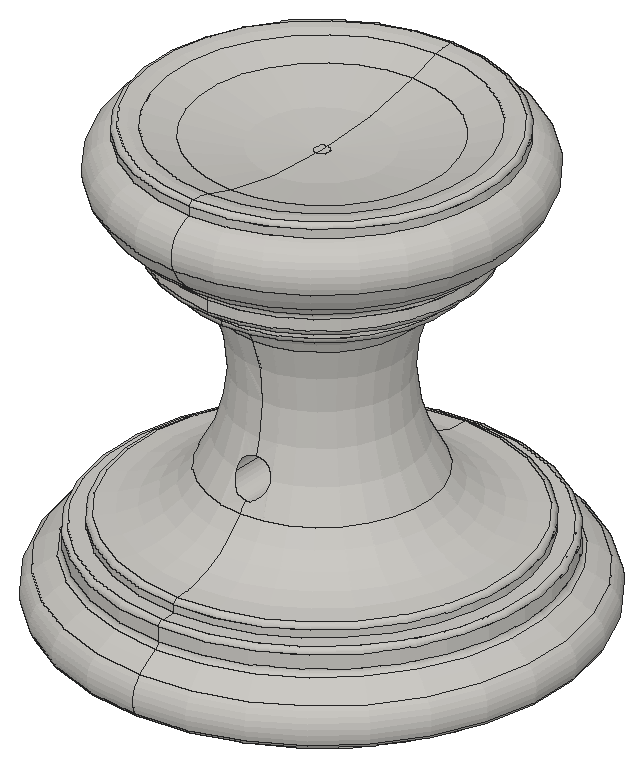
Revit family "Accessory-Robe_Hook-KALLISTA-Bellis-P34606", category Specialty Equipment, host Face, Revit 2022
Family settings
  Host = Face
  Round Connector Dimension = Use Diameter
  Part Type = Normal
  OmniClass Number = 23.31.25.27
  OmniClass Title = Robe Hooks
  Cut with Voids When Loaded = No
  Maintain Annotation Orientation = No
  Shared = No
  Room Calculation Point = No
Parameters (values of type "AD-Nickel Silver")
  Width = 2.12598"  # constant formula
  WaterSense Certified = 1 = 0  # no
  URL = "https://www.kallista.com/"
  Type = 1
  Product Page URL = "https://www.kallista.com/products/luxury-bathroom/accessories/hooks/bellis-hook-p34606-00/ad-nickel-silver"
  Product Name = "Bellis"  # constant formula
  Product Documentation Link = "https://techcomm.kohler.com/techcomm/pdf/P34606-00_spec_US-CA_Kallista_en.pdf"
  Model = if(Type = 1, "P34606-00-AD", if(Type = 2, "P34606-00-AG", if(Type = 3, "P34606-00-BN", if(Type = 4, "P34606-00-CP", if(Type = 5, "P34606-00-ULB", "NA")))))  # "P34606-00-AD"
  Material = "Premoium Metal Construction"  # constant formula
  Master Format 2014 Name = "Toilet, Bath, and Laundry Accessories"  # constant formula
  Master Format 2014 = "10 28 00"  # constant formula
  Manufacturer Address = "444 Highland Dr, Kohler, WI 53044"  # constant formula
  Manufacturer = "Kallista Co."  # constant formula
  Length = 2.28346"  # constant formula
  Height = 2.28346"  # constant formula
  Finish = Kallista-Metal-AD-Nickel_Silver
  Environmental Product Declaration = ""
  Description = "Hook"  # constant formula
  Default Elevation = 42"
  Declare Label = ""
  Date Modified = "05/16/2025"  # constant formula
  Date Created = "05/16/2025"  # constant formula
  Copyright = "Copyright Kallista Co."  # constant formula
  Contact Us = "https://www.kallista.com/corporate/contact-us/"
  Assembly Code = "C1030200"
  ADA Compliant = 1 = 0  # no
Types (6): name | Type | Product Page URL | Model | Finish
  (no name) | 1 | "https://www.kallista.com/products/luxury-bathroom/accessories/hooks/bellis-hook-p34606-00/ad-nickel-silver" | "P34606-00-AD" | Kallista-Metal-AD-Nickel_Silver
  AD-Nickel Silver | 1 | "https://www.kallista.com/products/luxury-bathroom/accessories/hooks/bellis-hook-p34606-00/ad-nickel-silver" | "P34606-00-AD" | Kallista-Metal-AD-Nickel_Silver
  AG-Brushed Nickel | 2 | "" | "P34606-00-AG" | Kallista-Metal-AG-Brushed_Nickel
  BN-Brushed Nickel | 3 | "" | "P34606-00-BN" | Kallista-Metal-BN-Brushed_Nickel
  CP-Polished Chrome | 4 | "https://www.kallista.com/products/luxury-bathroom/accessories/hooks/bellis-hook-p34606-00/cp-polished-chrome" | "P34606-00-CP" | Kallista-Metal-CP-Chrome
  ULB-Unlaquered Brass | 5 | "https://www.kallista.com/products/luxury-bathroom/accessories/hooks/bellis-hook-p34606-00" | "P34606-00-ULB" | Kallista-Metal-ULB-Unlaquered_Brass
Reference planes (in)
  plane 1 "Center (Front/Back)": y = 0
  plane 2: z = 0
  plane 3 "Center (Left/Right)": x = 0
  plane 4: y = 1.14173
  plane 5: y = -1.14173
  plane 6: x = -1.14173
  plane 7: x = 1.14173
  plane 8: z = 2.12598
Dimensions and locks (in)
  plane 8 to level = 2.12598"
  plane 6 to plane 7 = 2.28346"
  "Height": plane 4 to plane 5
  "Width": level to plane 8
  plane 4 to plane 5 = 2.28346"
  "Length": plane 6 to plane 7
  aligned and locked: plane 2 to host face
  aligned and locked: level to host face
  aligned and locked: plane 1 "Center (Front/Back)" to nested 1
  aligned and locked: plane 3 "Center (Left/Right)" to nested 1
Automatic sketch dimensions
  host sketch curve to host sketch curve = 96"  (x2)
Nested families (in)
  nested 1: "P34606" at (0, 0, 0), type "P34606"
Definition of nested family "P34606"
  Parameters (values of type "P34606")
    Material = none
    Default Elevation = 0"
  Reference planes (in)
    plane 1 "Center (Front/Back)": y = 0
    plane 2: z = 0
    plane 3 "Center (Left/Right)": x = 0
    plane 4: y = -1.14173
    plane 5: y = 1.14173
    plane 6: z = 2.12598
    plane 7: z = 2.12598
    plane 8: x = -1.14173
    plane 9: x = 1.14173
  Forms (in)
    Revolve 1, solid, material <- "Material", detail levels medium+fine
      sketch origin (0, 0, 0) x (0, 1, 0) y (0, 0, 1)
        loop
          line (0, 0) -> (0, 2.00301) -> (-0.03398, 2.00301)
          arc (-0.03398, 2.00301) -> (-0.29414, 2.01996) -> (-0.5499, 2.07053) r 2.00508
          arc (-0.5499, 2.07053) -> (-0.62078, 2.09071) -> (-0.69091, 2.11333) r 2.13713
          arc (-0.69091, 2.11333) -> (-0.73301, 2.12354) -> (-0.77627, 2.12591) r 0.23716
          arc (-0.77627, 2.12591) -> (-0.79095, 2.11935) -> (-0.79697, 2.10444) r 0.02148
          line (-0.79697, 2.10444) -> (-0.79697, 2.06694)
          arc (-0.79697, 2.06694) -> (-0.89235, 1.9931) -> (-0.8939, 1.87249) r 0.13877
          arc (-0.8939, 1.87249) -> (-0.86317, 1.81857) -> (-0.82412, 1.77034) r 0.38227
          arc (-0.82412, 1.77034) -> (-0.77075, 1.72388) -> (-0.70974, 1.68805) r 0.38227
          arc (-0.70974, 1.68805) -> (-0.69443, 1.67458) -> (-0.68873, 1.655) r 0.03651
          line (-0.68873, 1.655) -> (-0.68873, 1.60525)
          arc (-0.68873, 1.60525) -> (-0.68109, 1.5868) -> (-0.66265, 1.57916) r 0.02608
          line (-0.66265, 1.57916) -> (-0.60507, 1.57916) -> (-0.60507, 1.52569)
          arc (-0.60507, 1.52569) -> (-0.59813, 1.50618) -> (-0.58042, 1.49544) r 0.03089
          arc (-0.58042, 1.49544) -> (-0.48051, 1.44759) -> (-0.41452, 1.35861) r 0.23014
          arc (-0.41452, 1.35861) -> (-0.36086, 0.99076) -> (-0.49023, 0.64225) r 0.75086
          arc (-0.49023, 0.64225) -> (-0.655, 0.49716) -> (-0.86849, 0.44596) r 0.45572
          arc (-0.86849, 0.44596) -> (-0.88468, 0.43936) -> (-0.8914, 0.42322) r 0.02274
          line (-0.8914, 0.42322) -> (-0.8914, 0.39067) -> (-0.96104, 0.39067)
          arc (-0.96104, 0.39067) -> (-0.97699, 0.38406) -> (-0.9836, 0.3681) r 0.02256
          line (-0.9836, 0.3681) -> (-0.9836, 0.30627)
          arc (-0.9836, 0.30627) -> (-0.98795, 0.29037) -> (-0.99977, 0.27889) r 0.03128
          arc (-0.99977, 0.27889) -> (-1.0503, 0.24742) -> (-1.09724, 0.21083) r 0.56549
          arc (-1.09724, 0.21083) -> (-1.13915, 0.13877) -> (-1.12821, 0.05612) r 0.12894
          arc (-1.12821, 0.05612) -> (-1.11235, 0.03869) -> (-1.08968, 0.03223) r 0.04301
          line (-1.08968, 0.03223) -> (-1.04635, 0.03223) -> (-1.04635, 0) -> (0, 0)
        axis (0, 0) -> (0, 2.12591)
      angle from 0 to 360
    Extrusion 2, void
      sketch origin (0, 0, 0) x (1, 0, 0) y (0, 0, 1)
        loop
          circle (0, 0.76821) r 0.08149
      from 0.14897 to 0.54609
    Revolve 3, solid, material <- "Material", detail levels coarse
      sketch origin (0, 0, 0) x (0, 1, 0) y (0, 0, 1)
        loop
          line (0, 0) -> (0, 2.12598) -> (-0.82571, 2.12598)
          arc (-0.82571, 2.12598) -> (-0.88521, 2.10134) -> (-0.90986, 2.04184) r 0.08414
          line (-0.90986, 2.04184) -> (-0.90986, 1.9468)
          arc (-0.90986, 1.9468) -> (-0.82141, 1.65845) -> (-0.58648, 1.4693) r 0.51423
          arc (-0.58648, 1.4693) -> (-0.44274, 1.36368) -> (-0.36837, 1.20155) r 0.35561
          arc (-0.36837, 1.20155) -> (-0.37391, 0.90983) -> (-0.49023, 0.64225) r 0.75086
          arc (-0.49023, 0.64225) -> (-0.63698, 0.50704) -> (-0.82743, 0.44749) r 0.45572
          arc (-0.82743, 0.44749) -> (-1.05119, 0.33817) -> (-1.14173, 0.10619) r 0.34246
          line (-1.14173, 0.10619) -> (-1.14173, 0) -> (0, 0)
        axis (0, 0) -> (0, 2.12598)
      angle from 0 to 360
  Cuts and joins
    Extrusion 2 cuts Revolve 1
  Lines and regions (in)
    Masking region 1
      outline origin (0, 0, 0) x (1, 0, 0) y (0, 0, 1)
        loop
          line (-1.04729, 0) -> (1.04652, 0) -> (1.04652, 0.0315) -> (1.08986, 0.0315)
          arc (1.08986, 0.0315) -> (1.11253, 0.03795) -> (1.12839, 0.05539) r 0.04301
          arc (1.12839, 0.05539) -> (1.13932, 0.13803) -> (1.09741, 0.21009) r 0.12894
          arc (1.09741, 0.21009) -> (1.05047, 0.24669) -> (0.99994, 0.27815) r 0.56549
          arc (0.99994, 0.27815) -> (0.98812, 0.28963) -> (0.98378, 0.30553) r 0.03128
          line (0.98378, 0.30553) -> (0.98378, 0.3656)
          arc (0.98378, 0.3656) -> (0.97665, 0.3828) -> (0.95945, 0.38993) r 0.02432
          line (0.95945, 0.38993) -> (0.89158, 0.38993) -> (0.89158, 0.4236)
          arc (0.89158, 0.4236) -> (0.88575, 0.43839) -> (0.87141, 0.44525) r 0.02171
          arc (0.87141, 0.44525) -> (0.7274, 0.47519) -> (0.59646, 0.5422) r 0.55037
          arc (0.59646, 0.5422) -> (0.50745, 0.62466) -> (0.44472, 0.72852) r 0.43435
          arc (0.44472, 0.72852) -> (0.35948, 1.03991) -> (0.41546, 1.35787) r 0.7373
          arc (0.41546, 1.35787) -> (0.48145, 1.44685) -> (0.58137, 1.4947) r 0.23014
          arc (0.58137, 1.4947) -> (0.59907, 1.50544) -> (0.60601, 1.52495) r 0.03089
          line (0.60601, 1.52495) -> (0.60601, 1.57843) -> (0.66359, 1.57843)
          arc (0.66359, 1.57843) -> (0.68203, 1.58607) -> (0.68967, 1.60451) r 0.02608
          line (0.68967, 1.60451) -> (0.68967, 1.65426)
          arc (0.68967, 1.65426) -> (0.69537, 1.67384) -> (0.71069, 1.68731) r 0.03651
          arc (0.71069, 1.68731) -> (0.7717, 1.72314) -> (0.82506, 1.7696) r 0.38227
          arc (0.82506, 1.7696) -> (0.86411, 1.81783) -> (0.89484, 1.87175) r 0.38227
          arc (0.89484, 1.87175) -> (0.89329, 1.99237) -> (0.79791, 2.0662) r 0.13877
          line (0.79791, 2.0662) -> (0.79791, 2.10472)
          arc (0.79791, 2.10472) -> (0.79168, 2.11976) -> (0.77665, 2.12598) r 0.02126
          line (0.77665, 2.12598) -> (-0.77665, 2.12598)
          arc (-0.77665, 2.12598) -> (-0.79168, 2.11976) -> (-0.79791, 2.10472) r 0.02126
          line (-0.79791, 2.10472) -> (-0.79791, 2.0662)
          arc (-0.79791, 2.0662) -> (-0.89329, 1.99237) -> (-0.89484, 1.87175) r 0.13877
          arc (-0.89484, 1.87175) -> (-0.86411, 1.81783) -> (-0.82506, 1.7696) r 0.38227
          arc (-0.82506, 1.7696) -> (-0.7717, 1.72314) -> (-0.71069, 1.68731) r 0.38227
          arc (-0.71069, 1.68731) -> (-0.69537, 1.67384) -> (-0.68967, 1.65426) r 0.03651
          line (-0.68967, 1.65426) -> (-0.68967, 1.60451)
          arc (-0.68967, 1.60451) -> (-0.68203, 1.58607) -> (-0.66359, 1.57843) r 0.02608
          line (-0.66359, 1.57843) -> (-0.60601, 1.57843) -> (-0.60601, 1.52495)
          arc (-0.60601, 1.52495) -> (-0.59907, 1.50544) -> (-0.58137, 1.4947) r 0.03089
          arc (-0.58137, 1.4947) -> (-0.48145, 1.44685) -> (-0.41546, 1.35787) r 0.23014
          arc (-0.41546, 1.35787) -> (-0.3597, 1.03556) -> (-0.44885, 0.72085) r 0.7373
          arc (-0.44885, 0.72085) -> (-0.51088, 0.62143) -> (-0.59722, 0.5422) r 0.43435
          arc (-0.59722, 0.5422) -> (-0.72816, 0.47519) -> (-0.87218, 0.44525) r 0.55037
          arc (-0.87218, 0.44525) -> (-0.88652, 0.43839) -> (-0.89235, 0.4236) r 0.02171
          line (-0.89235, 0.4236) -> (-0.89235, 0.38993) -> (-0.96022, 0.38993)
          arc (-0.96022, 0.38993) -> (-0.97742, 0.3828) -> (-0.98455, 0.3656) r 0.02432
          line (-0.98455, 0.3656) -> (-0.98455, 0.30553)
          arc (-0.98455, 0.30553) -> (-0.98889, 0.28963) -> (-1.00071, 0.27815) r 0.03128
          arc (-1.00071, 0.27815) -> (-1.05124, 0.24669) -> (-1.09818, 0.21009) r 0.56549
          arc (-1.09818, 0.21009) -> (-1.14009, 0.13803) -> (-1.12916, 0.05539) r 0.12894
          arc (-1.12916, 0.05539) -> (-1.1133, 0.03795) -> (-1.09063, 0.0315) r 0.04301
          line (-1.09063, 0.0315) -> (-1.04729, 0.0315) -> (-1.04729, 0)
    Masking region 2
      outline origin (0, 0, 0) x (0, 1, 0) y (0, 0, 1)
        loop
          line (1.04823, 0) -> (1.04823, 0.03223) -> (1.09003, 0.03223)
          arc (1.09003, 0.03223) -> (1.1127, 0.03869) -> (1.12856, 0.05612) r 0.04301
          arc (1.12856, 0.05612) -> (1.1395, 0.13877) -> (1.09759, 0.21083) r 0.12894
          arc (1.09759, 0.21083) -> (1.05065, 0.24742) -> (1.00012, 0.27889) r 0.56549
          arc (1.00012, 0.27889) -> (0.9883, 0.29037) -> (0.98395, 0.30627) r 0.03128
          line (0.98395, 0.30627) -> (0.98395, 0.36634)
          arc (0.98395, 0.36634) -> (0.97683, 0.38354) -> (0.95963, 0.39067) r 0.02432
          line (0.95963, 0.39067) -> (0.89329, 0.39067) -> (0.89329, 0.42434)
          arc (0.89329, 0.42434) -> (0.88747, 0.43913) -> (0.87312, 0.44599) r 0.02171
          arc (0.87312, 0.44599) -> (0.72911, 0.47593) -> (0.59817, 0.54294) r 0.55037
          arc (0.59817, 0.54294) -> (0.51182, 0.62216) -> (0.44979, 0.72159) r 0.43435
          arc (0.44979, 0.72159) -> (0.36064, 1.0363) -> (0.41641, 1.35861) r 0.7373
          arc (0.41641, 1.35861) -> (0.48239, 1.44759) -> (0.58231, 1.49544) r 0.23014
          arc (0.58231, 1.49544) -> (0.60002, 1.50618) -> (0.60696, 1.52569) r 0.03089
          line (0.60696, 1.52569) -> (0.60696, 1.57916) -> (0.66453, 1.57916)
          arc (0.66453, 1.57916) -> (0.68298, 1.5868) -> (0.69062, 1.60525) r 0.02608
          line (0.69062, 1.60525) -> (0.69062, 1.655)
          arc (0.69062, 1.655) -> (0.69631, 1.67458) -> (0.71163, 1.68805) r 0.03651
          arc (0.71163, 1.68805) -> (0.77264, 1.72388) -> (0.82601, 1.77034) r 0.38227
          arc (0.82601, 1.77034) -> (0.86506, 1.81857) -> (0.89579, 1.87249) r 0.38227
          arc (0.89579, 1.87249) -> (0.89424, 1.9931) -> (0.79885, 2.06694) r 0.13877
          line (0.79885, 2.06694) -> (0.79885, 2.10472)
          arc (0.79885, 2.10472) -> (0.79263, 2.11976) -> (0.77759, 2.12598) r 0.02126
          line (0.77759, 2.12598) -> (-0.7757, 2.12598)
          arc (-0.7757, 2.12598) -> (-0.79074, 2.11976) -> (-0.79697, 2.10472) r 0.02126
          line (-0.79697, 2.10472) -> (-0.79697, 2.06694)
          arc (-0.79697, 2.06694) -> (-0.89235, 1.9931) -> (-0.8939, 1.87249) r 0.13877
          arc (-0.8939, 1.87249) -> (-0.86317, 1.81857) -> (-0.82412, 1.77034) r 0.38227
          arc (-0.82412, 1.77034) -> (-0.77075, 1.72388) -> (-0.70974, 1.68805) r 0.38227
          arc (-0.70974, 1.68805) -> (-0.69443, 1.67458) -> (-0.68873, 1.655) r 0.03651
          line (-0.68873, 1.655) -> (-0.68873, 1.60525)
          arc (-0.68873, 1.60525) -> (-0.68109, 1.5868) -> (-0.66265, 1.57916) r 0.02608
          line (-0.66265, 1.57916) -> (-0.60507, 1.57916) -> (-0.60507, 1.52569)
          arc (-0.60507, 1.52569) -> (-0.59813, 1.50618) -> (-0.58042, 1.49544) r 0.03089
          arc (-0.58042, 1.49544) -> (-0.48051, 1.44759) -> (-0.41452, 1.35861) r 0.23014
          arc (-0.41452, 1.35861) -> (-0.35875, 1.0363) -> (-0.4479, 0.72159) r 0.7373
          arc (-0.4479, 0.72159) -> (-0.50993, 0.62216) -> (-0.59628, 0.54294) r 0.43435
          arc (-0.59628, 0.54294) -> (-0.72722, 0.47593) -> (-0.87123, 0.44599) r 0.55037
          arc (-0.87123, 0.44599) -> (-0.88558, 0.43913) -> (-0.8914, 0.42434) r 0.02171
          line (-0.8914, 0.42434) -> (-0.8914, 0.39067) -> (-0.95928, 0.39067)
          arc (-0.95928, 0.39067) -> (-0.97648, 0.38354) -> (-0.9836, 0.36634) r 0.02432
          line (-0.9836, 0.36634) -> (-0.9836, 0.30627)
          arc (-0.9836, 0.30627) -> (-0.98795, 0.29037) -> (-0.99977, 0.27889) r 0.03128
          arc (-0.99977, 0.27889) -> (-1.0503, 0.24742) -> (-1.09724, 0.21083) r 0.56549
          arc (-1.09724, 0.21083) -> (-1.13915, 0.13877) -> (-1.12821, 0.05612) r 0.12894
          arc (-1.12821, 0.05612) -> (-1.11235, 0.03869) -> (-1.08968, 0.03223) r 0.04301
          line (-1.08968, 0.03223) -> (-1.04635, 0.03223) -> (-1.04635, 0) -> (1.04823, 0)
    Masking region 3
      outline origin (0, 0, 0) x (1, 0, 0) y (0, 1, 0)
        loop
          circle (0, 0.00015) r 1.14173
    symbolic lines, detail levels medium+fine
      curve 1: line (-0.79791, 0, 2.0662) -> (0.79791, 0, 2.0662)
      curve 2: line (-0.60601, 0, 1.57843) -> (0.60601, 0, 1.57843)
      curve 3: line (-0.71069, 0, 1.68731) -> (0.71069, 0, 1.68731)
      curve 4: line (-0.68967, 0, 1.65426) -> (0.68967, 0, 1.65426)
      curve 5: line (-0.68967, 0, 1.60451) -> (0.68967, 0, 1.60451)
      curve 6: line (-0.60601, 0, 1.52495) -> (0.60601, 0, 1.52495)
      curve 7: line (-0.53502, 0, 1.47988) -> (0.53502, 0, 1.47988)
      curve 8: line (-1.04729, 0, 0.0315) -> (1.04729, 0, 0.0315)
      curve 9: line (-0.89235, 0, 0.38993) -> (0.89235, 0, 0.38993)
      curve 10: line (0.87218, 0, 0.44525) -> (-0.87218, 0, 0.44525)
      curve 11: line (-0.98455, 0, 0.3656) -> (0.98378, 0, 0.3656)
      curve 12: line (-0.98455, 0, 0.30553) -> (0.98378, 0, 0.30553)
      curve 13: line (-1.00071, 0, 0.27815) -> (0.99994, 0, 0.27815)
      curve 14: line (0, 0.79885, 2.0662) -> (0, -0.79697, 2.0662)
      curve 15: line (0, 0.79885, 2.10472) -> (0, -0.79697, 2.10472)
      curve 16: line (0, 0.71163, 1.68731) -> (0, -0.70974, 1.68731)
      curve 17: line (0, 0.69062, 1.65426) -> (0, -0.68873, 1.65426)
      curve 18: line (0, 0.60696, 1.57843) -> (0, -0.60507, 1.57843)
      curve 19: line (0, 0.58231, 1.4947) -> (0, -0.58042, 1.4947)
      curve 20: line (0, 0.60696, 1.52495) -> (0, -0.60507, 1.52495)
      curve 21: line (0, 0.69062, 1.60451) -> (0, -0.68873, 1.60451)
      curve 22: line (0, 1.04823, 0.03223) -> (0, -1.04635, 0.03223)
      curve 23: line (0, 0.89329, 0.38993) -> (0, -0.8914, 0.38993)
      curve 24: line (0, 0.87312, 0.44525) -> (0, -0.87123, 0.44525)
      curve 25: line (0, 0.98549, 0.30553) -> (0, -0.9836, 0.30553)
      curve 26: line (0, 1.00166, 0.27815) -> (0, -0.99977, 0.27815)
      curve 27: circle (0, 0.00015, 0) r 0.7874 normal (0, 0, 1)
      curve 28: circle (0, 0.00015, 0) r 0.90323 normal (0, 0, 1)
      curve 29: circle (0, 0.00015, 0) r 0.98425 normal (0, 0, 1)
      curve 30: circle (0, 0.00015, 0) r 0.94426 normal (0, 0, 1)
  Dimensions and locks (in)
    plane 4 to plane 5 = 2.28346"
    plane 8 to plane 9 = 2.28346"
    aligned and locked: plane 2 to level
